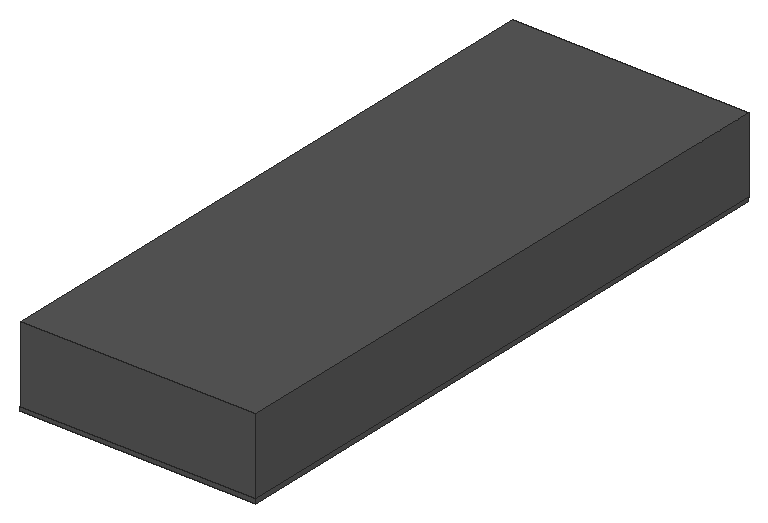
Revit family "ERA_LF_PR_SPP-503", category Осветительные приборы, Revit 2019 (continued)
Definition of nested family "LF_ИС_Пр_SPP-503"
  Types (5, lengths in mm): name | Корпус_Центр | Photometric Web File | built-in parameter 1150105 | Lumens | built-in parameter 1150106 | built-in parameter 1150142 | Wattage
    SPP-503-0-50K-100 | 369.391 | "SPP-503-0-50K-100.ies" | 484.3 (stored number, unit not read) | 9500 lm | 4.843 (stored number, unit not read) | "IESNA:LM-63-1995\r\n[DATA] 24.08.2020\r\n[MANUFAC]??РА\r\n[LUMCAT] SPP-503-0-50K-100\r\n[LUMINAIRE] Светильник\r\n[LAMP] Светодиодный модуль\r\nTILT=NONE\r\n1 8431 8.375 91 37 1 2 0.45 0.16 0.045\r\n1 1 101.51\r\n0 1 2 3 4 5 6 7 8 9 10 11 12 13 14 15 16 17 18 19 20 21 22 23 24 25 26 27 28 29 30 31 32 33 34 35 36 37 38 39 40 41 42 43 44 45 46 47 48 49 50 51 52 53 54 55 56 57 58 59 60 61 62 63 64 65 66 67 68 69 70 71 72 73 74 75 76 77 78 79 80 81 82 83 84 85 86 87 88 89 90 \r\n0 10 20 30 40 50 60 70 80 90 100 110 120 130 140 150 160 170 180 190 200 210 220 230 240 250 260 270 280 290 300 310 320 330 340 350 360 \r\n287 287 287.2 287.4 288.1 288.8 289.9 290.8 291.8 293.1 294.6 295.9 298.4 299.7 302.1 303.3 306.5 308.5 311.4 313.8 315.7 319.2 322 323.9 327.7 330.4 333.4 335.4 340 343.1 346.4 350.3 352.4 356.1 359.6 362.5 366.9 369.8 374.2 377.5 381.6 385.2 389.1 392.8 396.7 399.9 403.9 406.6 409.8 412.8 415.4 418.1 420.6 422.9 425 426.4 428 429.3 429.8 429.6 429.8 428.5 425.5 421.1 413 403.3 390 374.5 356.8 335.5 312.8 287.5 259.4 224.6 178.9 124.6 72.2 34.4 17.4 13.1 11.1 9 7.5 6.3 5.2 4.2 3.2 0 0 0 0\r\n287 286.8 285.9 286.6 286.3 286.8 287.7 288.3 289 290.1 290.8 292.7 294.4 294.8 296.8 299.6 300.7 302.4 304.7 306.4 309.1 311.9 313.9 317.1 319.3 322.7 325.6 328.4 332.5 335 337.9 341.5 344.5 347.5 351.2 354.6 357.6 362 366 369.1 372.6 377 380.9 385 389.3 394 397.8 401.4 404.5 408 410 414.4 417.4 418.6 420.8 424.1 424.3 426.1 426.3 426.1 425.3 423.4 420 414.7 405.3 392.8 376.1 355.7 333.1 308.8 282.5 254.6 226.2 193.1 156.6 116.5 77.2 44.7 23.9 13.5 9.4 7.7 6.8 5.8 4.9 4 3.1 0 0 0 0\r\n287 286.3 286 284.8 285.5 285.6 284.8 286 286.4 286.3 288 289 290.2 290.9 292.3 294.3 296.2 298.2 300.2 302.4 304.2 306.6 309 311.6 314.3 316.8 319.4 321.6 324.2 327 330.5 334.3 337.3 340.5 343.7 346.7 350.3 353.9 357.7 361.3 364.5 367.5 370.4 373.1 375.7 378.4 380.9 383.1 385.2 387 388 389.6 389.2 389.6 387.6 386.2 381.7 377.8 372.4 364.7 356.2 345.1 330.9 313.5 293.7 270.4 244.5 217.3 189.4 163.8 139.2 115.7 93.9 73.2 54.1 38.2 26.2 18.1 13.2 10.2 8.6 7.4 6.4 5.5 4.7 3.8 0 0 0 0 0\r\n287 286.4 285 285.1 283.8 284.3 283.4 284.1 283.6 284.7 285.1 285.8 287.2 287.4 289.3 290.8 291.5 293.9 295.8 296.6 299.6 301.3 302.9 306.4 307.8 310.4 314 315.4 318 320.1 323.7 325.7 329.2 330.8 333.8 335 337.4 338.6 340.6 342.9 343.7 344.2 344.8 345.5 345.4 343.8 343.7 341.4 338.7 336.3 332.5 327.4 322.8 315.6 308.1 298.3 288.7 276.6 261.4 246.3 228.8 210.8 191.9 171 150.7 130 109.6 91.1 73.8 58.5 46 35.7 27.7 21.5 16.7 13.8 11.9 10.9 10.1 9.4 8.8 8.1 7.3 6.5 6 5.5 5 4.4 3.3 0 0\r\n287 286.5 285.2 283.9 283.1 282.9 282.6 283.4 283.1 282.6 283.3 284.4 285.2 285.6 285.9 287.4 288.4 289.2 290.9 292.7 294.7 297.2 298.9 300.3 302 304.4 306.7 307.9 309 311.4 313.4 314.2 315.7 316.7 316.3 317.8 317.2 316.7 316.9 314.7 313.2 311.3 308 304.7 300.6 296.3 291.2 285.3 278.4 270.8 262.6 253.1 242.8 231.7 219.4 206.1 192.1 177.1 161.6 145.1 129.3 113.5 98.6 85.1 72.8 62.4 52.9 44.9 37.4 30.9 25.2 21 18 16.1 15.1 14.5 14.2 14.1 13.8 12.9 11.4 9.5 7.9 6.8 6 5.5 5 4.3 3 0 0\r\n287 285.7 283.4 283.5 281.5 281.6 280.2 280.7 280.2 280 280.4 280.6 281.2 282.1 282.4 283.9 284.6 286.4 287.1 288.4 290.7 290.9 292.7 295 295.7 296.3 297.7 298.7 299.3 299.8 300.2 300.5 299.8 298 296.1 294.6 293 290.7 287.5 283.8 279.7 275.1 269.9 264.3 258.3 251.2 242.7 234.9 225.7 215.9 206.1 194.8 183.8 171.4 159.2 146.2 133.5 120.4 108.2 96 85.1 74.8 65.3 56.8 48.6 41.5 34.9 29.1 24.3 20.5 17.7 15.9 14.7 13.7 13 12.1 11.3 10.5 9.7 8.9 8.2 7.5 6.7 6.1 5.2 4.5 3.4 0 0 0 0\r\n287 284.4 283.9 281.8 281 280.2 278.9 278.5 278.8 278.1 278.8 278.8 279.3 279.9 280.5 282 281.9 283.7 284.2 285.1 286.7 287 288.3 288.6 289.5 289.8 289.4 289.5 289.1 287.7 287.2 284.8 283.2 280.5 277.5 274.3 270.7 266.2 262.1 256.6 251.3 245.2 239.2 231.8 224.1 216 207.6 198 187.9 177.7 168 157.3 146.1 134.9 124.2 113.3 102.8 92.4 82.9 74.1 66 58.1 50.8 43.7 37 30.9 25.8 21.7 18.9 16.9 15.5 14.6 13.8 13.1 12.4 11.5 10.8 9.9 9.1 8.2 7.3 6.5 5.7 4.9 4 3 0 0 0 0 0\r\n287 284.9 283.1 281.5 280.2 279.5 278.4 278.1 277.8 277.3 277.7 277.5 278.1 278.6 278.8 279.8 280.5 281.2 282.3 282.7 283.8 284.3 284.7 284.7 284.8 284.1 283.6 282.6 280.8 279.3 276.9 274.3 271.5 267.8 264.2 260.1 255.4 250.3 245.1 239.2 233 226.3 219.4 211.8 204 195.4 186.6 177.3 167.6 157.8 147.6 137.3 127 116.7 106.6 97 87.9 79.2 71 63.1 55.5 48.3 41.4 34.9 29.2 24.5 21.1 18.7 17.1 16 15.2 14.4 13.6 12.7 11.8 10.8 9.9 8.9 8 7.1 6.3 5.4 4.7 4.1 3.6 3.1 0 0 0 0 0\r\n287 284.9 283.4 282 280.2 279.2 278.6 277.7 277.3 277.6 277.5 277.6 277.8 278.6 278.6 279.4 280.1 280.5 281.6 281.9 282.2 283 282.6 282.7 281.9 281.4 280 278.2 276.5 273.8 271 267.1 263.8 259.9 255.4 250.9 245 239.3 234.1 227.3 221 213.6 206.1 198.5 189.7 181.3 172.4 163 153.3 144.1 134 124.2 114.3 105.1 96.4 87.7 79.2 71.1 63.4 56.2 49.1 42.2 35.9 30.2 25.6 22 19.3 17.6 16.4 15.4 14.5 13.4 12.1 10.8 9.5 8.5 7.7 6.9 6.3 5.7 5.3 4.9 4.4 4 3.5 3.1 0 0 0 0 0\r\n287 285.1 283.3 281.3 279.9 279 278.9 278.4 277.5 276.8 277.2 277.6 278.5 278.8 278.4 279.5 279.6 281.3 281.8 282.1 282.5 282.1 281.6 281.4 280.9 280.4 279 276.8 274.6 271.2 268.6 265 261.8 258.1 252.7 247 241.8 236.9 231 224.2 217.9 211 202.9 195.4 186.7 178.2 169.1 160.1 150.5 141.3 131.6 121.9 112.4 102.8 93.9 85.4 77.4 69.5 61.9 54.9 47.8 41.1 35 29.6 25 21.5 19.1 17.3 16.1 15.1 14.1 12.7 11.3 10 8.9 8.1 7.5 6.9 6.3 5.9 5.5 5 4.6 4.2 3.7 3.2 0 0 0 0 0\r\n287 284.9 283.4 282 280.2 279.2 278.6 277.7 277.3 277.6 277.5 277.6 277.8 278.6 278.6 279.4 280.1 280.5 281.6 281.9 282.2 283 282.6 282.7 281.9 281.4 280 278.2 276.5 273.8 271 267.1 263.8 259.9 255.4 250.9 245 239.3 234.1 227.3 221 213.6 206.1 198.5 189.7 181.3 172.4 163 153.3 144.1 134 124.2 114.3 105.1 96.4 87.7 79.2 71.1 63.4 56.2 49.1 42.2 35.9 30.2 25.6 22 19.3 17.6 16.4 15.4 14.5 13.4 12.1 10.8 9.5 8.5 7.7 6.9 6.3 5.7 5.3 4.9 4.4 4 3.5 3.1 0 0 0 0 0\r\n287 284.9 283.1 281.5 280.2 279.5 278.4 278.1 277.8 277.3 277.7 277.5 278.1 278.6 278.8 279.8 280.5 281.2 282.3 282.7 283.8 284.3 284.7 284.7 284.8 284.1 283.6 282.6 280.8 279.3 276.9 274.3 271.5 267.8 264.2 260.1 255.4 250.3 245.1 239.2 233 226.3 219.4 211.8 204 195.4 186.6 177.3 167.6 157.8 147.6 137.3 127 116.7 106.6 97 87.9 79.2 71 63.1 55.5 48.3 41.4 34.9 29.2 24.5 21.1 18.7 17.1 16 15.2 14.4 13.6 12.7 11.8 10.8 9.9 8.9 8 7.1 6.3 5.4 4.7 4.1 3.6 3.1 0 0 0 0 0\r\n287 284.4 283.9 281.8 281 280.2 278.9 278.5 278.8 278.1 278.8 278.8 279.3 279.9 280.5 282 281.9 283.7 284.2 285.1 286.7 287 288.3 288.6 289.5 289.8 289.4 289.5 289.1 287.7 287.2 284.8 283.2 280.5 277.5 274.3 270.7 266.2 262.1 256.6 251.3 245.2 239.2 231.8 224.1 216 207.6 198 187.9 177.7 168 157.3 146.1 134.9 124.2 113.3 102.8 92.4 82.9 74.1 66 58.1 50.8 43.7 37 30.9 25.8 21.7 18.9 16.9 15.5 14.6 13.8 13.1 12.4 11.5 10.8 9.9 9.1 8.2 7.3 6.5 5.7 4.9 4 3 0 0 0 0 0\r\n287 285.7 283.4 283.5 281.5 281.6 280.2 280.7 280.2 280 280.4 280.6 281.2 282.1 282.4 283.9 284.6 286.4 287.1 288.4 290.7 290.9 292.7 295 295.7 296.3 297.7 298.7 299.3 299.8 300.2 300.5 299.8 298 296.1 294.6 293 290.7 287.5 283.8 279.7 275.1 269.9 264.3 258.3 251.2 242.7 234.9 225.7 215.9 206.1 194.8 183.8 171.4 159.2 146.2 133.5 120.4 108.2 96 85.1 74.8 65.3 56.8 48.6 41.5 34.9 29.1 24.3 20.5 17.7 15.9 14.7 13.7 13 12.1 11.3 10.5 9.7 8.9 8.2 7.5 6.7 6.1 5.2 4.5 3.4 0 0 0 0\r\n287 286.5 285.2 283.9 283.1 282.9 282.6 283.4 283.1 282.6 283.3 284.4 285.2 285.6 285.9 287.4 288.4 289.2 290.9 292.7 294.7 297.2 298.9 300.3 302 304.4 306.7 307.9 309 311.4 313.4 314.2 315.7 316.7 316.3 317.8 317.2 316.7 316.9 314.7 313.2 311.3 308 304.7 300.6 296.3 291.2 285.3 278.4 270.8 262.6 253.1 242.8 231.7 219.4 206.1 192.1 177.1 161.6 145.1 129.3 113.5 98.6 85.1 72.8 62.4 52.9 44.9 37.4 30.9 25.2 21 18 16.1 15.1 14.5 14.2 14.1 13.8 12.9 11.4 9.5 7.9 6.8 6 5.5 5 4.3 3 0 0\r\n287 286.4 285 285.1 283.8 284.3 283.4 284.1 283.6 284.7 285.1 285.8 287.2 287.4 289.3 290.8 291.5 293.9 295.8 296.6 299.6 301.3 302.9 306.4 307.8 310.4 314 315.4 318 320.1 323.7 325.7 329.2 330.8 333.8 335 337.4 338.6 340.6 342.9 343.7 344.2 344.8 345.5 345.4 343.8 343.7 341.4 338.7 336.3 332.5 327.4 322.8 315.6 308.1 298.3 288.7 276.6 261.4 246.3 228.8 210.8 191.9 171 150.7 130 109.6 91.1 73.8 58.5 46 35.7 27.7 21.5 16.7 13.8 11.9 10.9 10.1 9.4 8.8 8.1 7.3 6.5 6 5.5 5 4.4 3.3 0 0\r\n287 286.3 286 284.8 285.5 285.6 284.8 286 286.4 286.3 288 289 290.2 290.9 292.3 294.3 296.2 298.2 300.2 302.4 304.2 306.6 309 311.6 314.3 316.8 319.4 321.6 324.2 327 330.5 334.3 337.3 340.5 343.7 346.7 350.3 353.9 357.7 361.3 364.5 367.5 370.4 373.1 375.7 378.4 380.9 383.1 385.2 387 388 389.6 389.2 389.6 387.6 386.2 381.7 377.8 372.4 364.7 356.2 345.1 330.9 313.5 293.7 270.4 244.5 217.3 189.4 163.8 139.2 115.7 93.9 73.2 54.1 38.2 26.2 18.1 13.2 10.2 8.6 7.4 6.4 5.5 4.7 3.8 0 0 0 0 0\r\n287 286.8 285.9 286.6 286.3 286.8 287.7 288.3 289 290.1 290.8 292.7 294.4 294.8 296.8 299.6 300.7 302.4 304.7 306.4 309.1 311.9 313.9 317.1 319.3 322.7 325.6 328.4 332.5 335 337.9 341.5 344.5 347.5 351.2 354.6 357.6 362 366 369.1 372.6 377 380.9 385 389.3 394 397.8 401.4 404.5 408 410 414.4 417.4 418.6 420.8 424.1 424.3 426.1 426.3 426.1 425.3 423.4 420 414.7 405.3 392.8 376.1 355.7 333.1 308.8 282.5 254.6 226.2 193.1 156.6 116.5 77.2 44.7 23.9 13.5 9.4 7.7 6.8 5.8 4.9 4 3.1 0 0 0 0\r\n287 287 287.2 287.4 288.1 288.8 289.9 290.8 291.8 293.1 294.6 295.9 298.4 299.7 302.1 303.3 306.5 308.5 311.4 313.8 315.7 319.2 322 323.9 327.7 330.4 333.4 335.4 340 343.1 346.4 350.3 352.4 356.1 359.6 362.5 366.9 369.8 374.2 377.5 381.6 385.2 389.1 392.8 396.7 399.9 403.9 406.6 409.8 412.8 415.4 418.1 420.6 422.9 425 426.4 428 429.3 429.8 429.6 429.8 428.5 425.5 421.1 413 403.3 390 374.5 356.8 335.5 312.8 287.5 259.4 224.6 178.9 124.6 72.2 34.4 17.4 13.1 11.1 9 7.5 6.3 5.2 4.2 3.2 0 0 0 0\r\n287 287.6 287.6 288.7 289.5 290.9 292.1 293.3 294.8 296.2 298.5 300.5 302 304.6 306.9 308.9 312.2 313.7 317.5 318.9 322.8 325.2 328.1 331.3 334 337.7 340.7 342.9 347.1 350.3 352.1 356.9 359.9 362.8 365.1 369.3 373.3 375.8 377.7 381 384.5 387.8 391.1 393.3 395.5 397.6 399.3 401.6 403.5 405 406.4 407.7 408.1 409 408.6 407.1 405.8 402.4 400.2 396 391.6 384.7 374.5 362.1 344.8 324.7 302.7 278.3 252.5 226.7 200.6 173.9 145.9 117.4 89.5 63.5 41.5 25.7 16.4 11.7 9.4 8 7 6 5 4.1 3.1 0 0 0 0\r\n287 288.3 288.9 289.7 291.5 292.8 293.6 295.8 298.1 299.6 301.3 303.8 306.6 308.5 310.7 312.8 316.4 318.6 321.2 323.6 326.9 330.1 332.2 335 338.3 341.1 343.6 346.3 349.8 352.7 354.1 356 359.7 361.7 364.6 367.3 368.3 370.6 371.2 373.1 373.5 375 375.1 375.8 375.2 374.9 373.4 371.1 368.7 365.7 362.4 358.9 354.5 348.8 342.5 335.4 326.9 316.7 305.8 292.8 278.5 262.4 244.2 224 201.8 177.5 153.2 129.5 107.9 88.4 70.1 53.6 39.8 29 21.3 16.4 13.4 11.6 10.4 9.4 8.5 7.5 6.5 5.6 4.5 3.3 0 0 0 0 0\r\n287 288.7 289.2 290.7 292.8 293.7 296.5 298.7 299.9 302.5 305.2 307.3 308.7 312.2 314.4 317.3 319.5 321.5 323.9 326.5 329.5 332.1 334.7 337 339 340.4 341.6 344 346.5 347.3 349.4 350.3 351.4 352.1 352.1 352.7 351.5 351.6 349.8 348 346.6 342.9 340.6 336.8 332.2 328.2 322.3 316 309.7 301.6 293.9 284.5 274.6 264.1 252.4 240 226.1 211 195.3 178.5 161.2 144 126.7 109.1 91.9 75.4 60.7 48.2 37.7 29.3 23.2 19 16.2 14.3 13 12.1 11.3 10.5 9.7 9 8 6.8 5.7 5 4.5 4 3.4 0 0 0 0\r\n287 288.3 290.4 292.1 293.3 295.7 298.3 299.9 302 305.2 307.1 308.8 312.1 314.6 317.5 319.3 321.7 323.1 326.1 327.1 329.6 331.4 332.5 334.9 336.1 337.2 338.9 338.1 337.6 338.9 338.6 336.3 336.3 335 331.4 329.8 326.8 323.5 318.3 314.8 310.4 304.2 297.7 291.7 285.1 277 268.2 259.6 250.5 240.4 229.9 218.6 207 194.9 182.6 169.6 155.3 140.9 125.8 111.5 97 83.5 70.7 58.9 48.3 39.6 32.5 27 22.6 19.5 17.2 15.7 14.6 13.9 13.3 12.8 12.2 11.8 11.4 10.8 9.6 8 6.3 5 4.3 3.8 3.3 0 0 0 0\r\n287 287.8 290.2 292.6 294.1 296 298.9 301.8 303.6 305.3 308.8 311.1 314.1 315 317.5 319.1 320.5 322.5 324.8 325.9 326.6 327.1 327.9 328.5 328.9 329.1 328.4 327.1 325.3 323.8 322.4 320.3 316.8 312.8 308.9 304.3 298.9 294.1 289 282.6 276.5 269.2 261.1 253.4 245.1 236.8 228.2 218.4 208.5 197.7 186.7 175.5 163.8 152.2 139.8 127.5 114.7 102 89.5 77.4 66.4 56.1 46.9 39 32.4 27.1 23.2 20.3 18.2 16.7 15.7 14.8 13.9 13.1 12.3 11.4 10.5 9.7 8.8 8 7.1 6.2 5.4 4.5 3.6 0 0 0 0 0 0\r\n287 288.3 290.7 292.4 295.3 297.2 299.7 302.3 304.5 307.4 309.1 311.8 314.1 315.4 318.2 318.6 321 322.1 322.2 324.4 323.8 323.9 323.2 323.7 322.8 321.2 319.7 317.6 314.4 310.8 307.3 304.2 300.3 295.6 290.1 284.2 278 271.6 265.1 258.1 250.9 243.2 235.1 226.6 217.8 208.5 198.7 188.9 178.8 168.1 156.7 145.7 134.5 122.4 111 99.5 87.9 77 66.7 57.3 48.4 40.6 33.9 28.5 24.4 21.4 19.4 18 17 16.3 15.5 14.8 14.1 13.2 12.4 11.5 10.5 9.6 8.6 7.6 6.7 5.8 5 4.1 0 0 0 0 0 0 0\r\n287 288.8 291.2 293.5 295.8 298.1 300.4 302.9 305.6 307.8 310.2 312.4 314.2 316.1 317.7 318.9 319.9 320.7 321 321.1 320.7 320 318.9 317.5 316 313.5 310.2 307 304.1 300 295.6 290.3 285.5 279.4 273.2 267.6 260.9 253.8 247.1 239.5 231.9 224.2 215.7 206.9 197.9 188.7 178.8 168.8 158.3 147.8 137 126.1 115 104.1 93 82.1 72.3 62.8 54.1 46.1 39 33 28.1 24.4 21.8 20.1 18.9 17.9 17.2 16.5 15.7 14.9 13.9 12.8 11.7 10.5 9.3 8.2 7.1 6.1 5.3 4.5 3.9 3.4 0 0 0 0 0 0 0\r\n287 289.2 291.3 293.7 296.2 298.6 301.4 303.5 306.3 307.9 311.1 312.6 314.7 315.4 318.1 318.3 319.1 319.9 319.7 319.5 319.1 317.5 316.9 314.2 312.5 309.2 305.8 302.1 297.8 293.2 288.9 282.9 278.1 271.8 265.6 259 252.4 245.4 238.1 230.6 222.2 213.9 206 197.5 188 178 168.2 158 147.4 137.4 127.2 116.1 104.8 94 83.4 73.8 64.6 55.9 47.7 40.6 34.6 29.5 25.6 22.8 20.9 19.4 18.4 17.6 16.8 15.9 14.8 13.3 11.3 9.5 8.2 7.3 6.6 6 5.5 5 4.6 4.1 3.7 3.3 0 0 0 0 0 0 0\r\n287 288.7 290.7 293.6 296.5 298.3 300.5 303.8 306.6 308.3 309.9 312.1 314.2 315.6 317.6 318.3 319.2 319.5 319.3 319.2 317.3 316.1 314.6 313.3 310.6 306.6 304.2 300.4 296.1 290.7 286.1 281 275.8 269.2 262.8 256.1 250.4 242.5 235.1 227.6 219.9 211.4 202.9 194.2 184.7 175.4 165.5 155.4 145.3 134.8 124.3 113.7 102.7 92.4 82.2 72.9 64.1 55.7 47.8 40.9 34.9 29.9 26 23.2 21.2 19.7 18.6 17.6 16.7 15.7 14.3 12.3 10.2 8.8 7.9 7.1 6.7 6.2 5.8 5.5 5 4.7 4.2 3.8 3.3 0 0 0 0 0 0\r\n287 289.2 291.3 293.7 296.2 298.6 301.4 303.5 306.3 307.9 311.1 312.6 314.7 315.4 318.1 318.3 319.1 319.9 319.7 319.5 319.1 317.5 316.9 314.2 312.5 309.2 305.8 302.1 297.8 293.2 288.9 282.9 278.1 271.8 265.6 259 252.4 245.4 238.1 230.6 222.2 213.9 206 197.5 188 178 168.2 158 147.4 137.4 127.2 116.1 104.8 94 83.4 73.8 64.6 55.9 47.7 40.6 34.6 29.5 25.6 22.8 20.9 19.4 18.4 17.6 16.8 15.9 14.8 13.3 11.3 9.5 8.2 7.3 6.6 6 5.5 5 4.6 4.1 3.7 3.3 0 0 0 0 0 0 0\r\n287 288.8 291.2 293.5 295.8 298.1 300.4 302.9 305.6 307.8 310.2 312.4 314.2 316.1 317.7 318.9 319.9 320.7 321 321.1 320.7 320 318.9 317.5 316 313.5 310.2 307 304.1 300 295.6 290.3 285.5 279.4 273.2 267.6 260.9 253.8 247.1 239.5 231.9 224.2 215.7 206.9 197.9 188.7 178.8 168.8 158.3 147.8 137 126.1 115 104.1 93 82.1 72.3 62.8 54.1 46.1 39 33 28.1 24.4 21.8 20.1 18.9 17.9 17.2 16.5 15.7 14.9 13.9 12.8 11.7 10.5 9.3 8.2 7.1 6.1 5.3 4.5 3.9 3.4 0 0 0 0 0 0 0\r\n287 288.3 290.7 292.4 295.3 297.2 299.7 302.3 304.5 307.4 309.1 311.8 314.1 315.4 318.2 318.6 321 322.1 322.2 324.4 323.8 323.9 323.2 323.7 322.8 321.2 319.7 317.6 314.4 310.8 307.3 304.2 300.3 295.6 290.1 284.2 278 271.6 265.1 258.1 250.9 243.2 235.1 226.6 217.8 208.5 198.7 188.9 178.8 168.1 156.7 145.7 134.5 122.4 111 99.5 87.9 77 66.7 57.3 48.4 40.6 33.9 28.5 24.4 21.4 19.4 18 17 16.3 15.5 14.8 14.1 13.2 12.4 11.5 10.5 9.6 8.6 7.6 6.7 5.8 5 4.1 0 0 0 0 0 0 0\r\n287 287.8 290.2 292.6 294.1 296 298.9 301.8 303.6 305.3 308.8 311.1 314.1 315 317.5 319.1 320.5 322.5 324.8 325.9 326.6 327.1 327.9 328.5 328.9 329.1 328.4 327.1 325.3 323.8 322.4 320.3 316.8 312.8 308.9 304.3 298.9 294.1 289 282.6 276.5 269.2 261.1 253.4 245.1 236.8 228.2 218.4 208.5 197.7 186.7 175.5 163.8 152.2 139.8 127.5 114.7 102 89.5 77.4 6
      6.4 56.1 46.9 39 32.4 27.1 23.2 20.3 18.2 16.7 15.7 14.8 13.9 13.1 12.3 11.4 10.5 9.7 8.8 8 7.1 6.2 5.4 4.5 3.6 0 0 0 0 0 0\r\n287 288.3 290.4 292.1 293.3 295.7 298.3 299.9 302 305.2 307.1 308.8 312.1 314.6 317.5 319.3 321.7 323.1 326.1 327.1 329.6 331.4 332.5 334.9 336.1 337.2 338.9 338.1 337.6 338.9 338.6 336.3 336.3 335 331.4 329.8 326.8 323.5 318.3 314.8 310.4 304.2 297.7 291.7 285.1 277 268.2 259.6 250.5 240.4 229.9 218.6 207 194.9 182.6 169.6 155.3 140.9 125.8 111.5 97 83.5 70.7 58.9 48.3 39.6 32.5 27 22.6 19.5 17.2 15.7 14.6 13.9 13.3 12.8 12.2 11.8 11.4 10.8 9.6 8 6.3 5 4.3 3.8 3.3 0 0 0 0\r\n287 288.7 289.2 290.7 292.8 293.7 296.5 298.7 299.9 302.5 305.2 307.3 308.7 312.2 314.4 317.3 319.5 321.5 323.9 326.5 329.5 332.1 334.7 337 339 340.4 341.6 344 346.5 347.3 349.4 350.3 351.4 352.1 352.1 352.7 351.5 351.6 349.8 348 346.6 342.9 340.6 336.8 332.2 328.2 322.3 316 309.7 301.6 293.9 284.5 274.6 264.1 252.4 240 226.1 211 195.3 178.5 161.2 144 126.7 109.1 91.9 75.4 60.7 48.2 37.7 29.3 23.2 19 16.2 14.3 13 12.1 11.3 10.5 9.7 9 8 6.8 5.7 5 4.5 4 3.4 0 0 0 0\r\n287 288.3 288.9 289.7 291.5 292.8 293.6 295.8 298.1 299.6 301.3 303.8 306.6 308.5 310.7 312.8 316.4 318.6 321.2 323.6 326.9 330.1 332.2 335 338.3 341.1 343.6 346.3 349.8 352.7 354.1 356 359.7 361.7 364.6 367.3 368.3 370.6 371.2 373.1 373.5 375 375.1 375.8 375.2 374.9 373.4 371.1 368.7 365.7 362.4 358.9 354.5 348.8 342.5 335.4 326.9 316.7 305.8 292.8 278.5 262.4 244.2 224 201.8 177.5 153.2 129.5 107.9 88.4 70.1 53.6 39.8 29 21.3 16.4 13.4 11.6 10.4 9.4 8.5 7.5 6.5 5.6 4.5 3.3 0 0 0 0 0\r\n287 287.6 287.6 288.7 289.5 290.9 292.1 293.3 294.8 296.2 298.5 300.5 302 304.6 306.9 308.9 312.2 313.7 317.5 318.9 322.8 325.2 328.1 331.3 334 337.7 340.7 342.9 347.1 350.3 352.1 356.9 359.9 362.8 365.1 369.3 373.3 375.8 377.7 381 384.5 387.8 391.1 393.3 395.5 397.6 399.3 401.6 403.5 405 406.4 407.7 408.1 409 408.6 407.1 405.8 402.4 400.2 396 391.6 384.7 374.5 362.1 344.8 324.7 302.7 278.3 252.5 226.7 200.6 173.9 145.9 117.4 89.5 63.5 41.5 25.7 16.4 11.7 9.4 8 7 6 5 4.1 3.1 0 0 0 0\r\n287 287 287.2 287.4 288.1 288.8 289.9 290.8 291.8 293.1 294.6 295.9 298.4 299.7 302.1 303.3 306.5 308.5 311.4 313.8 315.7 319.2 322 323.9 327.7 330.4 333.4 335.4 340 343.1 346.4 350.3 352.4 356.1 359.6 362.5 366.9 369.8 374.2 377.5 381.6 385.2 389.1 392.8 396.7 399.9 403.9 406.6 409.8 412.8 415.4 418.1 420.6 422.9 425 426.4 428 429.3 429.8 429.6 429.8 428.5 425.5 421.1 413 403.3 390 374.5 356.8 335.5 312.8 287.5 259.4 224.6 178.9 124.6 72.2 34.4 17.4 13.1 11.1 9 7.5 6.3 5.2 4.2 3.2 0 0 0 0\r\n" | 63.955 W
